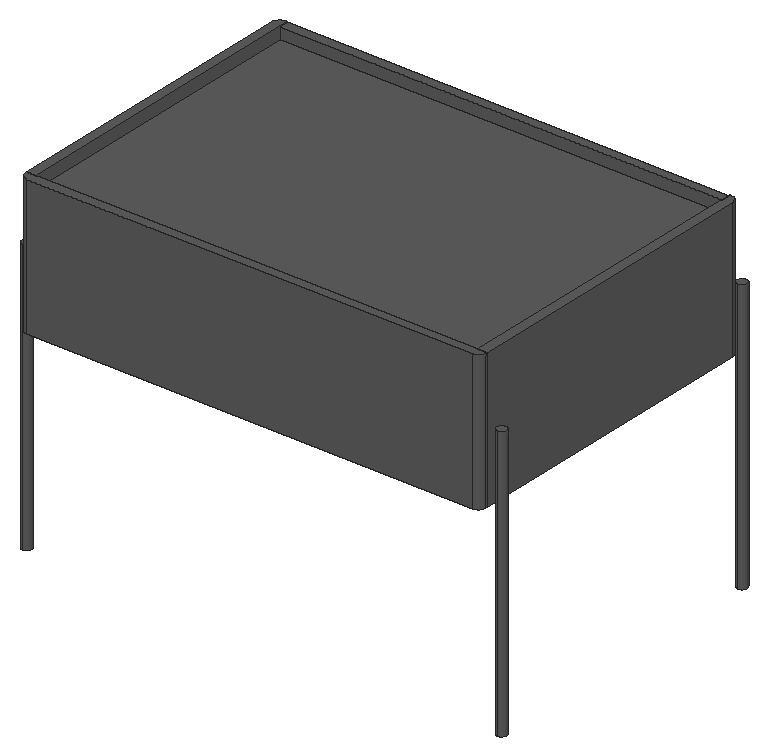
Revit family "LowerUnit-Vitra-EqualSeries-64107+64108+64109+64110+64111+64112", category Furniture Systems, host Face, Revit 2017
Family settings
  Host = Face
  Round Connector Dimension = Use Diameter
  Part Type = Normal
  OmniClass Number = 23.40.00.00
  OmniClass Title = Equipment and Furnishings
  Cut with Voids When Loaded = No
  Shared = Yes
  Room Calculation Point = No
Parameters (values of type "LowerUnit-60cm-Elm-Vitra-EqualSeries_64108")
  Youtube = "https://www.youtube.com/user/VitrAglobal"
  Width(mm) = 600 mm
  Weight Net (kg) = "20,000"
  Warranty Period (Year) = "2"
  Uniformat II Description = "Fixed Furnishings"
  Uniformat II Code = "E2010"
  Uniclass 2015 Name = "Bathroom Cabinets"
  Uniclass 2015 Code = "Pr_40_30_78_03"
  Uniclass 2.0 Description = "Bathroom Cabinets"
  Uniclass 1.4 Description = "Bathroom Cabinets"
  Uniclass 2.0 Code = "PR-35-75-08"
  Uniclass 1.4 Code = "L8241"
  URL = "https://vitraglobal.com/"
  UNSPSC Description = "Bathroom Cabinets"
  UNSPSC Code = "30161801"
  Technical description = "https://www.vitra.com.tr/pdf/64108/"
  Tap hole Options (default) = ""
  Specification = ""
  Right = no
  Region South America = "All"
  Region Oceania = "All"
  Region North America = "All"
  Region Middle East = "All"
  Region Europe = "All"
  Region Asia = "All"
  Region Antarctica = "All"
  Region Africa = "All"
  Product group = "Bathroom Furniture"
  Product family = "Equal"
  Product data url = "https://www.vitraglobal.com/bathroom-furniture/mid-units/free/equal-lower-unit-60-cm-elm-sku-64108"
  Product certification = "https://vitraglobal.com/catalogues/quality-certificates"
  Product SKU = "64108"
  Product Guid = ""
  Primary Material = Vitra-Elm
  OmniClass Description = "Bathroom Cabinets"
  OmniClass Code = "23-31 25 13"
  Nominal width = "0.000"
  Nominal height = "0.000"
  NBS Referans Description = "Bathroom Cabinets"
  NBS Referans Code = "35-75-08"
  Model = "64108"
  Masterformat 2014 Description = "Bathroom Casework"
  Masterformat 2014 Code = "12 35 30.23"
  Manufacturer name = "Vitra"
  Manufacturer = "Vitra"
  Left = no
  Installation instructions = ""
  IFC Classification = "Furniture"
  Help = ""
  Height(mm) = 450 mm
  Design country = "Turkey"
  Description = "Equal Lower Unit,"
  Depth(mm) = 420 mm
  Default Elevation = 660 mm
  Construction Type = "Face Mounted"
  Color = ""
  COBIe Type Category = ""
  BIMobject category = "Storage"
  Article No. (default) = "64108"
  Accessories (default) = ""
Types (7, lengths in mm): name | Width(mm) | Weight Net (kg) | Technical description | Product data url | Product SKU | Primary Material | Model | Article No. (default)
  (no name) | 600 | "20,000" | "https://www.vitra.com.tr/pdf/64108/" | "https://www.vitraglobal.com/bathroom-furniture/mid-units/free/equal-lower-unit-60-cm-elm-sku-64108" | "64108" | Vitra-Elm | "64108" | "64108"
  LowerUnit-60cm-PatternedBlackOak-Vitra-EqualSeries_64107 | 600 | "20,000" | "https://www.vitra.com.tr/pdf/64107/" | "https://www.vitraglobal.com/bathroom-furniture/mid-units/free/equal-lower-unit-60-cm-patterned-black-oak-sku-64107" | "64107" | Vitra-BlackOak | "64107" | "64107"
  LowerUnit-60cm-Elm-Vitra-EqualSeries_64108 | 600 | "20,000" | "https://www.vitra.com.tr/pdf/64108/" | "https://www.vitraglobal.com/bathroom-furniture/mid-units/free/equal-lower-unit-60-cm-elm-sku-64108" | "64108" | Vitra-Elm | "64108" | "64108"
  LowerUnit-80cm-PatternedBlackOak-Vitra-EqualSeries_64109 | 800 | "26,000" | "https://www.vitra.com.tr/pdf/64109/" | "https://www.vitraglobal.com/bathroom-furniture/mid-units/free/equal-lower-unit-80-cm-patterned-black-oak-sku-64109" | "64109" | Vitra-BlackOak | "64109" | "64109"
  LowerUnit-80cm-Elm-Vitra-EqualSeries_64110 | 800 | "26,000" | "https://www.vitra.com.tr/pdf/64110/" | "https://www.vitraglobal.com/bathroom-furniture/mid-units/free/equal-lower-unit-80-cm-elm-sku-64110" | "64110" | Vitra-Elm | "64110" | "64110"
  LowerUnit-100cm-PatternedBlackOak-Vitra-EqualSeries_64111 | 1000 | "31,000" | "https://www.vitra.com.tr/pdf/64111/" | "https://www.vitraglobal.com/bathroom-furniture/mid-units/free/equal-lower-unit-100-cm-patterned-black-oak-sku-64111" | "64111" | Vitra-BlackOak | "64111" | "64111"
  LowerUnit-100cm-Elm-Vitra-EqualSeries_64112 | 1000 | "31,000" | "https://www.vitra.com.tr/pdf/64112/" | "https://www.vitraglobal.com/bathroom-furniture/mid-units/free/equal-lower-unit-100-cm-elm-sku-64112" | "64112" | Vitra-Elm | "64112" | "64112"
Reference planes
  plane 1 "Center (Front/Back)": y = -16
  plane 2: z = -0.016
  plane 3 "Center (Left/Right)": x = 10.233
  plane 4: z = 449.984
  plane 5: x = -289.767
  plane 6: x = 310.233
  plane 7: y = 194
  plane 8: y = -226
  plane 9: x = 319.726
  plane 10: x = -299.281
Forms (mm)
  Extrusion 1, solid, material "Vitra-Elm" <- "Primary Material"
    sketch origin (325.299, -202.5, 357.517) x (0, 1, 0) y (-1, 0, 0)
      loop
        circle (-0.006, 624.579) r 6.5
      loop
        circle (390.908, 624.579) r 6.5
      loop
        circle (0.072, 5.572) r 6.5
      loop
        circle (390.986, 5.572) r 6.5
    from 0 to -355
  Extrusion 2, solid, material "Vitra-Elm" <- "Primary Material"
    sketch origin (-286.767, -218.5, 448.517) x (1, 0, 0) y (0, 1, 0)
      loop
        line (7, -7.5) -> (587, -7.5)
        arc (587, -7.5) -> (594.071, -4.571) -> (597, 2.5) r 10
        line (597, 2.5) -> (597, 4.5) -> (-3, 4.5) -> (-3, 2.5)
        arc (-3, 2.5) -> (-0.071, -4.571) -> (7, -7.5) r 10
    from 0 to -180
  Extrusion 3, solid, material "Vitra-Elm" <- "Primary Material"
    sketch origin (-286.767, -218.5, 448.517) x (1, 0, 0) y (0, 1, 0)
      loop
        line (-3, 403.5) -> (-3, 4.5) -> (9, 4.5) -> (9, 413.5) -> (7, 413.5)
        arc (7, 413.5) -> (-0.071, 410.571) -> (-3, 403.5) r 10
      loop
        line (585, 413.5) -> (585, 4.5) -> (597, 4.5) -> (597, 403.5)
        arc (597, 403.5) -> (594.071, 410.571) -> (587, 413.5) r 10
        line (587, 413.5) -> (585, 413.5)
    from 0 to -180
  Extrusion 4, solid, material "Vitra-Elm" <- "Primary Material"
    sketch origin (10.233, 192, 448.517) x (0, -1, 0) y (1, 0, 0)
      loop
        line (-2, 288) -> (-2, -288) -> (9, -288) -> (9, 288) -> (-2, 288)
    from 0 to -80
  Extrusion 5, solid, material "Vitra-Elm" <- "Primary Material"
    sketch origin (-277.767, -15.5, 433.517) x (0, -1, 0) y (1, 0, 0)
      loop
        line (-198.5, 576) -> (-198.5, 0) -> (198.5, 0) -> (198.5, 576) -> (-198.5, 576)
    from 0 to -16
Dimensions and locks
  "Width(mm)": plane 5 to plane 6
  "Depth(mm)": plane 7 to plane 8
  "Height(mm)": plane 4 to host face
  locked: Extrusion 3 to Extrusion 3 at 12  (x2)
  locked: plane 6 to plane 9 at 9.494
  locked: plane 10 to plane 5 at 9.513
  equal spacing: plane 5, plane 3 "Center (Left/Right)", plane 6
  equal spacing: plane 7, plane 1 "Center (Front/Back)", plane 8
  aligned and locked: plane 2 to host face
  aligned and locked: level to host face
  aligned and locked: plane 5 to Extrusion 3
  aligned and locked: plane 6 to Extrusion 3
  aligned and locked: plane 7 to Extrusion 4
  aligned and locked: plane 8 to Extrusion 2
  aligned and locked: Extrusion 4 to Extrusion 3  (x2)
  aligned and locked: plane 9 to Extrusion 1
  aligned and locked: plane 10 to Extrusion 1
  aligned and locked: Extrusion 5 to Extrusion 3  (x2)
  aligned and locked: Extrusion 3 to Extrusion 2
Automatic sketch dimensions
  host sketch curve to host sketch curve = 2438.4 mm  (x2)
  plane 5 to Extrusion 1 sketch curve = 9.513 mm  (x2)
  plane 8 to Extrusion 1 sketch curve = 23.494 mm
  Extrusion 1 sketch curve to plane 6 = 9.494 mm  (x2)
  plane 8 to Extrusion 1 sketch curve = 23.572 mm
  Extrusion 1 sketch curve to plane 7 = 5.592 mm
  Extrusion 1 sketch curve to plane 7 = 5.514 mm
  Extrusion 2 sketch curve to plane 5 = 0 mm
  Extrusion 2 sketch curve to plane 8 = 0 mm
  Extrusion 2 sketch curve to plane 6 = 0 mm
  Extrusion 2 sketch curve to plane 5 = 10 mm
  Extrusion 2 sketch curve to Extrusion 2 sketch curve = 10 mm
  Extrusion 2 sketch curve to Extrusion 2 sketch curve = 2 mm
  Extrusion 3 sketch curve to plane 5 = 0 mm
  Extrusion 3 sketch curve to plane 6 = 0 mm
  Extrusion 3 sketch curve to plane 5 = 10 mm
  plane 7 to Extrusion 3 sketch curve = 1 mm  (x2)
  Extrusion 3 sketch curve to Extrusion 3 sketch curve = 2 mm
  plane 6 to Extrusion 3 sketch curve = 12 mm
  Extrusion 3 sketch curve to plane 7 = 9 mm
  plane 8 to Extrusion 3 sketch curve = 12 mm  (x2)
  Extrusion 4 sketch curve to plane 7 = 0 mm
  Extrusion 4 sketch curve to Extrusion 4 sketch curve = 11 mm
  Extrusion 4 sketch curve to plane 5 = 12 mm
  plane 6 to Extrusion 4 sketch curve = 12 mm
  Extrusion 5 sketch curve to plane 7 = 11 mm
  plane 8 to Extrusion 5 sketch curve = 12 mm
  Extrusion 5 sketch curve to plane 5 = 12 mm
  plane 6 to Extrusion 5 sketch curve = 12 mm
  radius of Extrusion 1 sketch curve = 6.5 mm  (x4)
